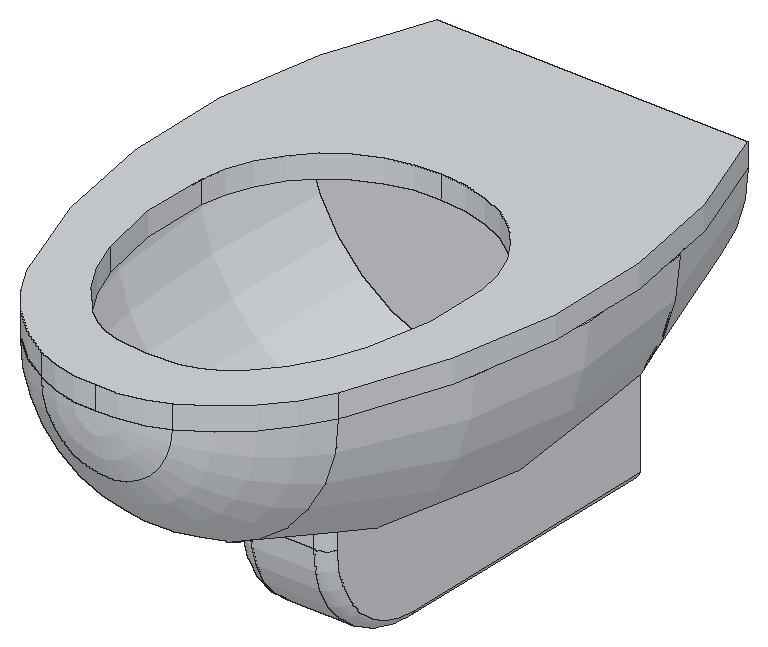
Revit family
Parameters (values of type "540 x 370mm")
  Material = none
  Manufacturer = "Revit"
  Assembly Code = "D2010110"
Reference planes
  plane 1 "Center (Front/Back)": y = 0
  plane 2: z = 0
  plane 3 "Center (Left/Right)": x = 0
  plane 4: y = -244.9
Forms (mm)
  Extrusion 1, solid, material <- "Material"
    sketch origin (0, 0, 307.334) x (1, 0, 0) y (0, 1, 0)
      loop
        arc (-135.826, 0) -> (-184.788, -222.698) -> (-135.826, -445.395) r 530.936
        arc (-135.826, -445.395) -> (-103.297, -493.309) -> (-57.095, -528.225) r 177.786
        arc (-57.095, -528.225) -> (-29.379, -538.163) -> (0, -540.097) r 106.04
        arc (0, -540.097) -> (29.379, -538.163) -> (57.095, -528.225) r 106.04
        arc (57.095, -528.225) -> (103.297, -493.309) -> (135.826, -445.395) r 177.786
        arc (135.826, -445.395) -> (184.788, -222.698) -> (135.826, 0) r 530.936
        line (135.826, 0) -> (-135.826, 0)
      loop
        arc (0, -164.943) -> (-82.812, -194.682) -> (-122.895, -273.012) r 119.653
        arc (-122.895, -273.012) -> (-122.872, -329.692) -> (-111.937, -385.307) r 293.01
        arc (-111.937, -385.307) -> (-93.963, -426.143) -> (-66.545, -461.341) r 180.962
        arc (-66.545, -461.341) -> (-48.002, -474.979) -> (-26.24, -482.474) r 76.384
        arc (-26.24, -482.474) -> (-13.17, -484.4) -> (0, -485.431) r 193.749
        arc (0, -485.431) -> (13.17, -484.4) -> (26.24, -482.474) r 193.749
        arc (26.24, -482.474) -> (48.002, -474.979) -> (66.545, -461.341) r 76.384
        arc (66.545, -461.341) -> (93.963, -426.143) -> (111.937, -385.307) r 180.962
        arc (111.937, -385.307) -> (122.872, -329.692) -> (122.895, -273.012) r 293.01
        arc (122.895, -273.012) -> (82.812, -194.682) -> (0, -164.943) r 119.653
    from -20 to 0
  Blend 2, solid, material <- "Material"
    base sketch origin (0, -124.9, 287.334) x (0, 0, -1) y (-1, 0, 0)
      loop
        line (0, 175) -> (0, -175)
        arc (0, -175) -> (175, 0) -> (0, 175) r 175
    top sketch origin (0, -124.9, 287.334) x (0, 0, -1) y (-1, 0, 0)
      loop
        line (0, 134.95) -> (0, -135.05)
        arc (0, -135.05) -> (135, -0.05) -> (0, 134.95) r 135
    from 0 to 124.9
  Extrusion 3, solid, material <- "Material"
    sketch origin (0, 0, 307.334) x (0, 1, 0) y (0, 0, 1)
      loop
        arc (0, -149.936) -> (-167.199, -182.808) -> (-337.566, -179.507) r 799.626
        line (-337.566, -179.507) -> (-337.566, -207.334)
        arc (-337.566, -207.334) -> (-310.425, -272.859) -> (-244.9, -300) r 92.666
        line (-244.9, -300) -> (0, -300) -> (0, -149.936)
    from -41.163 to 41.173
  Sweep 4, void
    path origin (41.173, 0, 149.324) x (0, 0, 1) y (0, -1, 0)
      loop
        line (-14.324, 337.566) -> (-49.324, 337.566)
        arc (-49.324, 337.566) -> (-114.849, 310.425) -> (-141.99, 244.9) r 92.666
        line (-141.99, 244.9) -> (-141.99, 0)
    profile origin (0, -122.45, 0) x (0, 0, 1) y (1, 0, 0)
      loop
        line (26.442, 42.532) -> (26.442, 53.837) -> (-3.558, 53.837) -> (-3.558, -51.163) -> (26.442, -51.163) -> (26.442, -43.084) -> (22.334, -43.084)
        arc (22.334, -43.084) -> (11.727, -38.69) -> (7.334, -28.084) r 15
        line (7.334, -28.084) -> (7.334, 27.532)
        arc (7.334, 27.532) -> (11.727, 38.139) -> (22.334, 42.532) r 15
        line (22.334, 42.532) -> (26.442, 42.532)
  Revolve 5, solid, material <- "Material"
    sketch origin (0, 0, 287.334) x (1, 0, 0) y (0, 1, 0)
      loop
        arc (-175.703, -124.9) -> (-180.725, -288.254) -> (-135.826, -445.395) r 530.936
        arc (-135.826, -445.395) -> (-103.297, -493.309) -> (-57.095, -528.225) r 177.786
        arc (-57.095, -528.225) -> (-29.379, -538.163) -> (0, -540.097) r 106.04
        line (0, -540.097) -> (0, -515.459)
        arc (0, -515.459) -> (-23.494, -514.305) -> (-45.68, -506.489) r 81.488
        arc (-45.68, -506.489) -> (-85.502, -476.394) -> (-113.538, -435.097) r 153.234
        arc (-113.538, -435.097) -> (-156.641, -282.937) -> (-150.703, -124.9) r 506.385
        line (-150.703, -124.9) -> (-175.703, -124.9)
      axis (0, -540.097) -> (0, -124.9)
    angle from 0 to 180
Cuts and joins
  Sweep 4 cuts Extrusion 1
  Sweep 4 cuts Blend 2
  Sweep 4 cuts Extrusion 3
Lines and regions (mm)
  symbolic lines
    curve 1: arc (-135.826, 0, 0) -> (-184.788, -222.698, 0) -> (-135.826, -445.395, 0) r 530.936
    curve 2: arc (-135.826, -445.395, 0) -> (-103.297, -493.309, 0) -> (-57.095, -528.225, 0) r 177.786
    curve 3: arc (-57.095, -528.225, 0) -> (-29.379, -538.163, 0) -> (0, -540.097, 0) r 106.04
    curve 4: arc (0, -540.097, 0) -> (29.379, -538.163, 0) -> (57.095, -528.225, 0) r 106.04
    curve 5: arc (57.095, -528.225, 0) -> (103.297, -493.309, 0) -> (135.826, -445.395, 0) r 177.786
    curve 6: arc (135.826, -445.395, 0) -> (184.788, -222.698, 0) -> (135.826, 0, 0) r 530.936
    curve 7: line (135.826, 0, 0) -> (-135.826, 0, 0)
    curve 12: arc (0, -164.943, 0) -> (82.812, -194.682, 0) -> (122.895, -273.012, 0) r 119.653
    curve 13: arc (122.895, -273.012, 0) -> (122.872, -329.692, 0) -> (111.937, -385.307, 0) r 293.01
    curve 14: arc (111.937, -385.307, 0) -> (93.963, -426.143, 0) -> (66.545, -461.341, 0) r 180.962
    curve 15: arc (66.545, -461.341, 0) -> (48.002, -474.979, 0) -> (26.24, -482.474, 0) r 76.384
    curve 16: arc (26.24, -482.474, 0) -> (13.17, -484.4, 0) -> (0, -485.431, 0) r 193.749
    curve 17: arc (0, -485.431, 0) -> (-13.17, -484.4, 0) -> (-26.24, -482.474, 0) r 193.749
    curve 18: arc (-26.24, -482.474, 0) -> (-48.002, -474.979, 0) -> (-66.545, -461.341, 0) r 76.384
    curve 19: arc (-66.545, -461.341, 0) -> (-93.963, -426.143, 0) -> (-111.937, -385.307, 0) r 180.962
    curve 20: arc (-111.937, -385.307, 0) -> (-122.872, -329.692, 0) -> (-122.895, -273.012, 0) r 293.01
    curve 21: arc (-122.895, -273.012, 0) -> (-82.812, -194.682, 0) -> (0, -164.943, 0) r 119.653
  symbolic lines, detail levels medium+fine
    curve 8: arc (-63.827, -101.182, 0) -> (-71.563, -93.447, 0) -> (-79.298, -101.182, 0) r 7.735
    curve 9: arc (-79.298, -101.182, 0) -> (-71.563, -108.918, 0) -> (-63.827, -101.182, 0) r 7.735
    curve 10: arc (84.558, -101.182, 0) -> (76.822, -93.447, 0) -> (69.087, -101.182, 0) r 7.735
    curve 11: arc (69.087, -101.182, 0) -> (76.822, -108.918, 0) -> (84.558, -101.182, 0) r 7.735
    curve 22: arc (57.356, -315.041, 0) -> (0.005, -353.338, 0) -> (-57.346, -315.041, 0) r 62.091
    curve 23: arc (-57.346, -315.041, 0) -> (-60.2, -305.649, 0) -> (-61.163, -295.881, 0) r 50
    curve 24: line (-61.163, -295.881, 0) -> (-61.163, -275.357, 0)
    curve 25: arc (-61.163, -275.357, 0) -> (-55.305, -261.214, 0) -> (-41.163, -255.357, 0) r 20
    curve 26: line (-41.163, -255.357, 0) -> (41.173, -255.357, 0)
    curve 27: arc (41.173, -255.357, 0) -> (55.315, -261.214, 0) -> (61.173, -275.357, 0) r 20
    curve 28: line (61.173, -275.357, 0) -> (61.173, -295.881, 0)
    curve 29: arc (61.173, -295.881, 0) -> (60.21, -305.649, 0) -> (57.356, -315.041, 0) r 50
